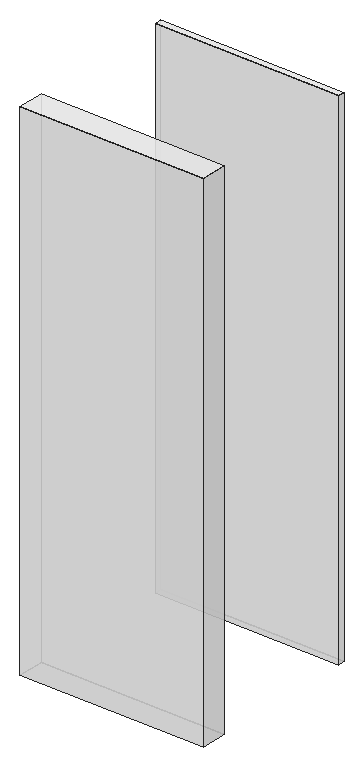
Revit family "SH-5401", category Lighting Fixtures, host Face, Revit 2017
Family settings
  Host = Face
  Round Connector Dimension = Use Diameter
  Part Type = Normal
  Cut with Voids When Loaded = No
  Light Source = No
  Shared = No
  Room Calculation Point = No
Parameters (values of type "SH-5401(Gray color-4000K-LED)")
  website = "www.shoaco.com"
  instalation = ""
  consumption current = 0.05 A
  color temperature = "4000K"
  color rendering index(CRI) = "80"
  Width = 15.6593 cm
  Wattage. = 9 W
  Voltage/Frequency = "230v/50hz"
  URL = "https://www.shoaco.com/fa/product/%DA%86%D8%B1%D8%A7%D8%BA-%D9%87%D8%A7%DB%8C-%D8%AD%DB%8C%D8%A7%D8%B7%DB%8C/317-%DA%86%D8%B1%D8%A7%D8%BA-%D8%AD%DB%8C%D8%A7%D8%B7%DB%8C-%D9%85%D8%AF%D9%84-SH-5401.html"
  Type medule = "SMD-DOB"
  Protection Class = "Class I"
  Model = "SH-5401"
  Manufacturer = "SHOA"
  Length = 7.55 cm
  Lamp = "LED"
  IP = "IP54"
  Height = 29.7375 cm
  Flicker = "Low Flicker"
  Diffuser Material = "polycarbonate"
  Diffuser = Diffuser
  Default Elevation = 121.92 cm
  Body color = Gray color
  Body Material = "Aluminum"
Reference planes (cm)
  plane 1 "Center (Front/Back)": y = 0
  plane 2: z = 0
  plane 3 "Center (Left/Right)": x = 0
  plane 4: z = 0
  plane 5: z = 29.7375
  plane 6: x = -7.832
  plane 7: x = 7.8273
  plane 8: y = 3.775
  plane 9: y = -3.775
Forms (cm)
  Extrusion 1, solid, material "Diffuser" <- "Diffuser"
    sketch origin (0, 0, 0.85) x (1, 0, 0) y (0, 0, 1)
      loop
        line (-2.88, 26.2) -> (-2.88, 10.2) -> (2.88, 10.2) -> (2.88, 26.2) -> (-2.88, 26.2)
    from 1.9181 to 2.75
  Extrusion 2, solid, material "Diffuser" <- "Diffuser"
    sketch origin (0, 0, 0.85) x (1, 0, 0) y (0, 0, 1)
      loop
        line (2.88, 26.2) -> (-2.88, 26.2) -> (-2.88, 10.2) -> (2.88, 10.2) -> (2.88, 26.2)
    from -2.75 to -2.55
Dimensions and locks (cm)
  "Height": plane 5 to host face
  "Width": plane 6 to plane 7
  "Length": plane 8 to plane 9
  aligned and locked: plane 2 to host face
  aligned and locked: level to host face
Automatic sketch dimensions
  host sketch curve to host sketch curve = 243.84 cm  (x2)
  Extrusion 1 sketch curve to plane 3 "Center (Left/Right)" = 2.88 cm
  plane 3 "Center (Left/Right)" to Extrusion 1 sketch curve = 2.88 cm
  level to Extrusion 1 sketch curve = 11.05 cm
  Extrusion 1 sketch curve to plane 5 = 2.6875 cm
  Extrusion 2 sketch curve to plane 3 "Center (Left/Right)" = 2.88 cm
  plane 3 "Center (Left/Right)" to Extrusion 2 sketch curve = 2.88 cm
  level to Extrusion 2 sketch curve = 11.05 cm
  Extrusion 2 sketch curve to plane 5 = 2.6875 cm
Nested families (cm)
  nested 1: "SH-5401-LED" at (-1.5918, -6.8626, -12.4213), type "SH-5401-LED"
  nested 2: "SH-5401-LED" at (-0.5918, 7.1374, -12.4213) x (-1, 0, 0) z (0, 0, 1), type "SH-5401-LED"
Connectors (cm)
  electrical at (0, 0, 0.65)
    settings: on free form element, index 1, voltage 230 V, apparent load 0 VA, apparent load phase1 0 VA, apparent load phase2 0 VA, apparent load phase3 0 VA, power factor 1, load classification "Other", number of poles 1, system type 31, power factor state 1, is connector primary yes, connector utility no, sub classification motor no, connector description ""
Definition of nested family "SH-5401-LED"
  Parameters (values of type "SH-5401-LED")
    Wattage = 4.5 W
    built-in parameter 1150110 = 1 (stored number, unit not read)
    built-in parameter 1114217 = 1 (stored number, unit not read)
    Tilt Angle = 90.00°
    built-in parameter 1150109 = 1 (stored number, unit not read)
    built-in parameter 1150134 = (empty or 0)
    built-in parameter 1150113 = 1 (stored number, unit not read)
    Photometric Web File = "SH-5401.ies"
    Lumens = 243.45 lm
    built-in parameter 1150115 = 1 (stored number, unit not read)
    built-in parameter 1150105 = 19.373 (stored number, unit not read)
    built-in parameter 1150137 = (empty or 0)
    built-in parameter 1150139 = (empty or 0)
    built-in parameter 1150112 = 1 (stored number, unit not read)
    built-in parameter 1150114 = 1 (stored number, unit not read)
    built-in parameter 1150132 = (empty or 0)
    built-in parameter 1150102 = (empty or 0)
    built-in parameter 1150138 = (empty or 0)
    built-in parameter 1150107 = 3000 (stored number, unit not read)
    built-in parameter 1150106 = 0.19373 (stored number, unit not read)
    Emit from Rectangle Width = 6 cm
    Emit from Rectangle Length = 6 cm
    Emit Shape Visible in Rendering = no
    built-in parameter 1150104 = 5.0261 (stored number, unit not read)
    Dimming Lamp Color Temperature Shift = (empty or 0)
    Color Filter = 16777215
    built-in parameter 1114218 = 1 (stored number, unit not read)
    built-in parameter 1150133 = 10 (stored number, unit not read)
  Reference planes (cm)
    plane 1 "Light Source Axis (F/B)": y = 0
    plane 2: z = 0
    plane 3 "Light Source Axis (L/R)": x = 0
    plane 4 "Light Source Elevation": z = 61.5261
  Dimensions and locks (cm)
    aligned and locked: plane 3 "Light Source Axis (L/R)" to imposter light
    aligned and locked: level to plane 2
